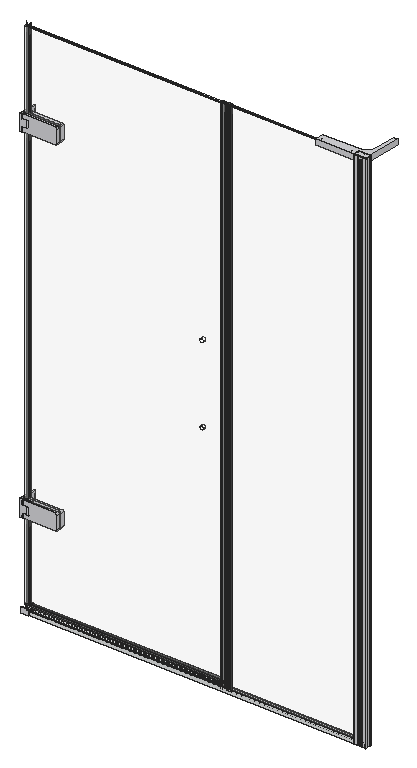
Revit family "Shower-Shower_Door-KOHLER-Composed-K-27715.rfa_", category Specialty Equipment, host Face, Revit 2021 (continued)
Definition of nested family "K-27715"
  Lines and regions (in)
    symbolic lines, detail levels medium+fine
      curve 121: line (-18.67225, 0.16163, 0) -> (-18.73425, 0.09963, 0)
      curve 122: line (-18.73425, -0.15237, 0) -> (-18.67225, -0.21437, 0)
      curve 123: line (-6.7126, -0.21437, 0) -> (-18.52065, -0.21437, 0)
      curve 124: line (-18.73425, -0.15237, 0) -> (-18.73425, 0.09963, 0)
      curve 125: line (-18.73625, 0.31693, 0) -> (-18.73625, 0.26521, 0)
      curve 126: line (-18.73625, -0.24172, 0) -> (-18.73625, -0.31299, 0)
      curve 127: line (-18.61188, -0.21437, 0) -> (-18.67225, -0.21437, 0)
      curve 128: line (-19.79017, -0.18499, 0) -> (-45.91193, -0.18499, 0)
      curve 129: line (-19.79759, 0.19551, 0) -> (-46.31302, 0.19551, 0)
      curve 130: line (-19.35387, 0.24026, 0) -> (-19.40322, 0.24029, 0)
      curve 131: line (-19.35505, 0.24145, 0) -> (-19.13045, 0.01685, 0)
      curve 132: line (-19.13045, -0.24584, 0) -> (-19.13045, -0.2307, 0)
      curve 133: line (-19.79974, -0.24584, 0) -> (-19.13045, -0.24584, 0)
      curve 134: line (-19.79974, -0.18499, 0) -> (-19.79974, -0.24688, 0)
      curve 135: line (-19.79974, 0.24054, 0) -> (-19.79974, 0.19551, 0)
      curve 136: line (-19.75947, 0.24051, 0) -> (-19.79974, 0.24054, 0)
      curve 137: line (-19.13045, -0.10165, 0) -> (-19.13045, -0.04391, 0)
      curve 138: line (-19.13045, -0.15769, 0) -> (-19.13045, -0.10165, 0)
      curve 139: line (-19.13045, -0.20504, 0) -> (-19.13045, -0.17358, 0)
      curve 140: line (-19.13045, -0.02721, 0) -> (-19.13045, 0.01685, 0)
      curve 141: line (-46.52261, 0.39567, 0) -> (-46.52261, 0.3648, 0)
      curve 142: line (-46.86515, 0.41146, 0) -> (-46.6683, 0.41146, 0)
      curve 143: line (-46.86515, 0.42918, 0) -> (-46.6683, 0.42918, 0)
      curve 144: line (-46.6683, 0.18655, 0) -> (-46.6683, 0.43978, 0)
      curve 145: line (-46.51082, 0.11028, 0) -> (-46.51082, -0.42177, 0)
      curve 146: line (-46.51082, 0.11028, 0) -> (-46.43208, 0.11028, 0)
      curve 147: line (-46.48979, 0.26127, 0) -> (-46.48979, 0.18743, 0)
      curve 148: line (-46.19438, -0.18499, 0) -> (-46.31302, -0.18499, 0)
      curve 149: line (-45.91427, -0.12499, 0) -> (-46.37302, -0.12499, 0)
      curve 150: arc (-46.51082, 0.07467, 0) -> (-46.61844, 0.08996, 0) -> (-46.6683, 0.18655, 0) r 0.11848
      curve 151: arc (-46.42302, 0.16811, 0) -> (-46.44146, 0.13943, 0) -> (-46.45916, 0.11028, 0) r 1.33942
      curve 152: line (-46.74704, 0.14965, 0) -> (-46.74704, -0.10625, 0)
      curve 153: line (-46.78641, 0.14965, 0) -> (-46.78641, -0.10625, 0)
      curve 154: arc (-46.6683, 0.39567, 0) -> (-46.75535, 0.2861, 0) -> (-46.78641, 0.14965, 0) r 0.31527
      curve 155: arc (-46.6683, 0.34253, 0) -> (-46.7266, 0.25382, 0) -> (-46.74704, 0.14965, 0) r 0.27559
      curve 156: arc (-46.74704, -0.10625, 0) -> (-46.70777, -0.24804, 0) -> (-46.60114, -0.34942, 0) r 0.27559
      curve 157: arc (-46.78641, -0.10625, 0) -> (-46.74153, -0.2683, 0) -> (-46.61967, -0.38416, 0) r 0.31496
      curve 158: line (-46.60114, -0.34942, 0) -> (-46.58956, -0.3556, 0)
      curve 159: line (-46.61967, -0.38416, 0) -> (-46.56095, -0.41547, 0)
      curve 160: line (-46.58956, -0.28998, 0) -> (-46.58956, -0.35559, 0)
      curve 161: line (-46.57005, -0.28998, 0) -> (-46.57005, -0.35559, 0)
      curve 162: arc (-46.52561, -0.24349, 0) -> (-46.55715, -0.25782, 0) -> (-46.57005, -0.28998, 0) r 0.04654
      curve 163: arc (-46.52337, -0.22379, 0) -> (-46.57017, -0.24318, 0) -> (-46.58956, -0.28998, 0) r 0.06619
      curve 164: arc (-46.57005, -0.35559, 0) -> (-46.55715, -0.38775, 0) -> (-46.52561, -0.40209, 0) r 0.04654
      curve 165: arc (-46.58956, -0.35559, 0) -> (-46.57096, -0.40161, 0) -> (-46.52561, -0.42177, 0) r 0.06622
      curve 166: line (-46.52561, -0.40209, 0) -> (-46.51082, -0.40209, 0)
      curve 167: line (-46.52561, -0.42177, 0) -> (-46.51082, -0.42177, 0)
      curve 168: line (-46.52561, -0.24349, 0) -> (-46.51082, -0.24349, 0)
      curve 169: line (-46.52337, -0.22379, 0) -> (-46.51082, -0.22379, 0)
      curve 170: line (-46.55019, -0.43341, 0) -> (-46.55019, -0.46058, 0)
      curve 171: line (-46.51082, -0.43109, 0) -> (-46.51082, -0.46058, 0)
      curve 172: arc (-46.56095, -0.41547, 0) -> (-46.55309, -0.42295, 0) -> (-46.55019, -0.43341, 0) r 0.02032
      curve 173: arc (-46.5116, -0.42177, 0) -> (-46.51102, -0.42641, 0) -> (-46.51082, -0.43109, 0) r 0.05583
      curve 174: arc (-46.51082, -0.42177, 0) -> (-46.49945, -0.44921, 0) -> (-46.47201, -0.46058, 0) r 0.03881
      curve 175: arc (-46.43208, 0.11028, 0) -> (-46.42605, 0.11256, 0) -> (-46.42302, 0.11824, 0) r 0.00913
      curve 176: line (-46.37302, 0.18902, 0) -> (-46.31951, 0.18902, 0)
      curve 177: line (-41.78641, -0.22436, 0) -> (-46.12972, -0.22436, 0)
      curve 178: line (-46.42302, -0.22436, 0) -> (-46.51082, -0.22436, 0)
      curve 179: arc (-41.84187, 0.56304, 0) -> (-41.81416, 0.55163, 0) -> (-41.8025, 0.52401, 0) r 0.03937
      curve 180: line (-46.47201, -0.46058, 0) -> (-46.47201, -0.22436, 0)
      curve 181: line (-46.51082, -0.42177, 0) -> (-41.78641, -0.42177, 0)
      curve 182: line (-41.80609, -0.22436, 0) -> (-41.80609, -0.18499, 0)
      curve 183: line (-19.79974, -0.21302, 0) -> (-41.80609, -0.21302, 0)
      curve 184: line (-19.79974, -0.22441, 0) -> (-45.95525, -0.22441, 0)
      curve 185: line (-41.78641, -0.24688, 0) -> (-19.79974, -0.24688, 0)
      curve 186: line (-41.8025, 0.24047, 0) -> (-19.79974, 0.24047, 0)
      curve 187: line (-19.79974, 0.2185, 0) -> (-41.8025, 0.2185, 0)
      curve 188: line (-19.35505, 0.31693, 0) -> (-19.35505, 0.24145, 0)
      curve 189: line (-18.73425, 0.17344, 0) -> (-6.7126, 0.17344, 0)
      curve 190: line (-18.73425, 0.27974, 0) -> (-6.7126, 0.27974, 0)
      curve 191: line (-6.7126, 0.29155, 0) -> (-18.73425, 0.29155, 0)
      curve 192: line (-18.62081, -0.23306, 0) -> (-6.7126, -0.23339, 0)
      curve 193: line (-6.7126, -0.30512, 0) -> (-41.78739, -0.30512, 0)
      curve 194: line (-1.56332, 0, 71.66) -> (-1.56332, 0, 0)
      curve 195: line (-1.59449, 0, 71.66) -> (-1.59449, 0, 71.05764)
      curve 196: line (-6.63386, 0, 70.9789) -> (-1.67323, 0, 70.9789)
      curve 197: arc (-1.59449, 0, 71.05764) -> (-1.61755, 0, 71.00196) -> (-1.67323, 0, 70.9789) r 0.07874
      curve 198: line (-6.7126, 0, 71.49717) -> (-6.7126, 0, 71.06338)
      curve 199: arc (-6.7126, 0, 71.06338) -> (-6.6916, 0, 71.00401) -> (-6.63386, 0, 70.9789) r 0.07894
      curve 200: line (-1.56332, 0, 0.60236) -> (-45.76279, 0, 0.60236)
      curve 201: line (-45.88002, 0, 1.19752) -> (-45.88002, 0, 11.86552)
      curve 202: line (-45.92134, 0, 11.86552) -> (-45.92134, 0, 1.19752)
      curve 203: line (-46.94512, 0, 1.19752) -> (-45.88002, 0, 1.19752)
      curve 204: line (-19.13045, 0, 1.05717) -> (-46.40545, 0, 1.05717)
      curve 205: line (-46.40545, 0, 1.02173) -> (-19.13045, 0, 1.02173)
      curve 206: line (-45.76279, 0, 0.75591) -> (-46.40545, 0, 0.75591)
      curve 207: line (-45.76279, 0, 0.75591) -> (-45.76279, 0, 0)
      curve 208: line (-45.76279, 0, 0.70775) -> (-18.73625, 0, 0.70775)
      curve 209: line (-19.79974, 0, 1.36762) -> (-45.73616, 0, 1.36762)
      curve 210: line (-45.73616, 0, 1.05717) -> (-45.73616, 0, 1.36762)
      curve 211: line (-19.13045, 0, 1.05717) -> (-19.13045, 0, 1.02173)
      curve 212: line (-19.79974, 0, 1.36762) -> (-19.79974, 0, 1.05717)
      curve 213: line (-19.79974, 0, 1.02173) -> (-19.79974, 0, 0.70775)
      curve 214: line (-18.73625, 0, 0.70775) -> (-18.73625, 0, 0.60236)
      curve 215: line (-19.08177, 0, 0.70775) -> (-19.08177, 0, 71.49717)
      curve 216: line (-19.04102, 0, 71.49717) -> (-19.04102, 0, 0.70775)
      curve 217: line (-18.98427, 0, 71.49717) -> (-18.98427, 0, 0.70775)
      curve 218: line (-18.86802, 0, 71.49717) -> (-18.86802, 0, 0.70775)
      curve 219: line (-18.77362, 0, 71.49717) -> (-18.77362, 0, 0.70775)
      curve 220: line (-18.87559, 0, 71.49717) -> (-18.87559, 0, 0.70775)
      curve 221: line (-19.52165, 0, 1.05717) -> (-19.52165, 0, 71.49717)
      curve 222: line (-19.75229, 0, 71.49717) -> (-19.75229, 0, 1.05717)
      curve 223: line (-19.79625, 0, 71.49717) -> (-19.79628, 0, 1.05717)
      curve 224: line (-18.54298, 0, 71.49717) -> (-18.54298, 0, 0.60236)
      curve 225: line (-19.75229, 0, 1.02173) -> (-19.75229, 0, 0.70775)
      curve 226: line (-19.52165, 0, 1.02173) -> (-19.52165, 0, 0.70775)
      curve 227: line (-46.42302, 0, 58.63488) -> (-46.42302, 0, 14.03088)
      curve 228: line (-45.88002, 0, 14.03088) -> (-45.88002, 0, 58.63488)
      curve 229: line (-45.92134, 0, 58.63488) -> (-45.92134, 0, 14.03088)
      curve 230: line (-46.86515, 0, 14.03088) -> (-46.55019, 0, 14.03088)
      curve 231: line (-46.55019, 0, 14.03088) -> (-46.55019, 0, 13.42064)
      curve 232: line (-41.98326, 0, 14.03088) -> (-46.51082, 0, 14.03088)
      curve 233: line (-41.78641, 0, 13.83403) -> (-41.78641, 0, 12.06237)
      curve 234: line (-41.98326, 0, 11.86552) -> (-46.51082, 0, 11.86552)
      curve 235: line (-46.55019, 0, 11.86552) -> (-46.55019, 0, 12.47576)
      curve 236: line (-46.55019, 0, 11.86552) -> (-46.86515, 0, 11.86552)
      curve 237: line (-45.64853, 0, 13.45017) -> (-46.51082, 0, 13.45017)
      curve 238: line (-46.51082, 0, 12.44623) -> (-45.65908, 0, 12.44623)
      curve 239: line (-45.62499, 0, 12.48032) -> (-45.62499, 0, 13.42663)
      curve 240: line (-46.51082, 0, 14.03088) -> (-46.51082, 0, 13.45017)
      curve 241: line (-46.51082, 0, 12.44623) -> (-46.51082, 0, 11.86552)
      curve 242: line (-45.70373, 0, 13.42064) -> (-45.70373, 0, 12.47576)
      curve 243: line (-45.70373, 0, 13.42064) -> (-46.55019, 0, 13.42064)
      curve 244: line (-45.70373, 0, 12.47576) -> (-46.55019, 0, 12.47576)
      curve 245: arc (-45.62499, 0, 13.42663) -> (-45.63189, 0, 13.44327) -> (-45.64853, 0, 13.45017) r 0.02354
      curve 246: arc (-45.65908, 0, 12.44623) -> (-45.63498, 0, 12.45622) -> (-45.62499, 0, 12.48032) r 0.03409
      curve 247: arc (-41.78641, 0, 13.83403) -> (-41.84407, 0, 13.97322) -> (-41.98326, 0, 14.03088) r 0.19685
      curve 248: arc (-41.78641, 0, 12.06237) -> (-41.84407, 0, 11.92318) -> (-41.98326, 0, 11.86552) r 0.19685
      curve 249: line (-46.86515, 0, 60.80023) -> (-46.55019, 0, 60.80023)
      curve 250: line (-46.55019, 0, 60.80023) -> (-46.55019, 0, 60.19)
      curve 251: line (-41.98326, 0, 60.80023) -> (-46.51082, 0, 60.80023)
      curve 252: line (-41.78641, 0, 60.60338) -> (-41.78641, 0, 58.83173)
      curve 253: line (-41.98326, 0, 58.63488) -> (-46.51082, 0, 58.63488)
      curve 254: line (-46.55019, 0, 58.63488) -> (-46.55019, 0, 59.24511)
      curve 255: line (-46.55019, 0, 58.63488) -> (-46.86515, 0, 58.63488)
      curve 256: line (-45.64853, 0, 60.21952) -> (-46.51082, 0, 60.21952)
      curve 257: line (-46.51082, 0, 59.21559) -> (-45.65908, 0, 59.21559)
      curve 258: line (-45.62499, 0, 59.24968) -> (-45.62499, 0, 60.19598)
      curve 259: line (-46.51082, 0, 60.80023) -> (-46.51082, 0, 60.21952)
      curve 260: line (-46.51082, 0, 59.21559) -> (-46.51082, 0, 58.63488)
      curve 261: line (-45.70373, 0, 60.19) -> (-45.70373, 0, 59.24511)
      curve 262: line (-45.70373, 0, 60.19) -> (-46.55019, 0, 60.19)
      curve 263: line (-45.70373, 0, 59.24511) -> (-46.55019, 0, 59.24511)
      curve 264: arc (-45.62499, 0, 60.19598) -> (-45.63189, 0, 60.21263) -> (-45.64853, 0, 60.21952) r 0.02354
      curve 265: arc (-45.65908, 0, 59.21559) -> (-45.63498, 0, 59.22557) -> (-45.62499, 0, 59.24968) r 0.03409
      curve 266: arc (-41.78641, 0, 60.60338) -> (-41.84407, 0, 60.74258) -> (-41.98326, 0, 60.80023) r 0.19685
      curve 267: arc (-41.78641, 0, 58.83173) -> (-41.84407, 0, 58.69253) -> (-41.98326, 0, 58.63488) r 0.19685
      curve 268: line (-45.88002, 0, 60.80023) -> (-45.88002, 0, 71.51678)
      curve 269: line (-45.92134, 0, 71.53005) -> (-45.92134, 0, 60.80023)
      curve 270: line (-46.42302, 0, 71.53005) -> (-46.42302, 0, 60.80023)
      curve 271: line (-46.42302, 0, 11.86552) -> (-46.42302, 0, 1.19752)
      curve 272: line (0, 0.70903, 60.85188) -> (0, 0.70903, 71.51678)
      curve 273: line (0, 0.18788, 60.85041) -> (0, 0.18788, 71.51678)
      curve 274: line (0, -0.39312, 60.84878) -> (0, 0.75171, 60.852)
      curve 275: line (0, 0.41841, 58.67999) -> (0, -0.3941, 58.68342)
      curve 276: line (0, 0.41841, 58.63488) -> (0, -0.27277, 58.63488)
      curve 277: line (0, -0.27277, 14.03122) -> (0, -0.27277, 58.63488)
      curve 278: line (0, -0.3941, 14.03088) -> (0, 0.80744, 14.03431)
      curve 279: line (0, 0.83493, 11.86209) -> (0, -0.39567, 11.86552)
      curve 280: line (0, 0.41802, 1.19752) -> (0, -0.27277, 1.19752)
      curve 281: line (0, -0.27277, 1.19752) -> (0, -0.27277, 11.86518)
      curve 282: line (0, 0.70903, 1.19752) -> (0, 0.70903, 11.86244)
      curve 283: line (0, 0.70903, 14.03403) -> (0, 0.70903, 58.63488)
      curve 284: line (0, 0.21551, 11.86382) -> (0, 0.21551, 1.19752)
      curve 285: line (0, 0.18788, 1.19752) -> (0, 0.18788, 11.86389)
      curve 286: line (0, 0.18788, 14.03254) -> (0, 0.18825, 58.63488)
      curve 287: line (0, 0.21551, 58.63488) -> (0, 0.21551, 14.03262)
      curve 288: line (0, 0.21551, 71.51678) -> (0, 0.21551, 60.85049)
      curve 289: line (0, -0.25701, 60.84916) -> (0, -0.25701, 71.51678)
      curve 290: line (0, 0.75171, 70.9789) -> (0, 0.75171, 71.51678)
      curve 291: line (0, 0.75171, 71.51678) -> (0, -0.25701, 71.51678)
      curve 292: line (0, 0.18788, 71.51678) -> (0, 0.16277, 71.54189)
      curve 293: line (0, 0.16277, 71.54189) -> (0, -0.23207, 71.54189)
      curve 294: line (0, -0.23207, 71.54189) -> (0, -0.25701, 71.51678)
      curve 295: line (0, 0.7758, 71.71906) -> (0, 0.7758, 70.99858)
      curve 296: arc (0, 0.75612, 71.73874) -> (0, 0.77004, 71.73297) -> (0, 0.7758, 71.71906) r 0.01969
      curve 297: arc (0, 0.7758, 70.99858) -> (0, 0.77004, 70.98466) -> (0, 0.75612, 70.9789) r 0.01969
      curve 298: line (0, -0.39312, 70.9789) -> (0, -0.25701, 70.9789)
      curve 299: line (0, 0.41146, 60.77004) -> (0, 1.59004, 60.77004)
      curve 300: line (0, 1.72446, 58.91569) -> (0, 1.72446, 60.63562)
      curve 301: line (0, 0.41146, 60.85104) -> (0, 0.41146, 60.77004)
      curve 302: line (0, 1.57093, 58.76216) -> (0, 0.41146, 58.76216)
      curve 303: line (0, 0.41146, 58.76216) -> (0, 0.41146, 58.68002)
      curve 304: arc (0, 1.72446, 58.91569) -> (0, 1.67949, 58.80713) -> (0, 1.57093, 58.76216) r 0.15353
      curve 305: arc (0, 1.59004, 60.77004) -> (0, 1.68509, 60.73067) -> (0, 1.72446, 60.63562) r 0.13442
      curve 306: line (0, 0.43115, 60.78972) -> (0, 1.59004, 60.78972)
      curve 307: line (0, 0.43115, 60.8511) -> (0, 0.43115, 60.78972)
      curve 308: arc (0, 1.59004, 60.78972) -> (0, 1.69901, 60.74459) -> (0, 1.74414, 60.63562) r 0.1541
      curve 309: line (0, 1.74414, 60.63562) -> (0, 1.74414, 58.91569)
      curve 310: arc (0, 1.74414, 58.91569) -> (0, 1.69341, 58.79321) -> (0, 1.57093, 58.74248) r 0.17321
      curve 311: line (0, 1.57093, 58.74248) -> (0, 0.43115, 58.74248)
      curve 312: line (0, 0.43115, 58.74248) -> (0, 0.43115, 58.68002)
      curve 313: line (0, -0.24194, 58.63488) -> (0, -0.24194, 58.68278)
      curve 314: line (0, -0.21318, 58.63488) -> (0, -0.21318, 58.68266)
      curve 315: line (0, 0.10219, 58.63488) -> (0, 0.10219, 58.68132)
      curve 316: line (0, 0.24367, 58.63488) -> (0, 0.24367, 58.68073)
      curve 317: line (0, 0.38791, 58.63488) -> (0, 0.38791, 58.68012)
      curve 318: line (0, 0.41146, 13.95235) -> (0, 1.59004, 13.95235)
      curve 319: line (0, 1.72446, 12.098) -> (0, 1.72446, 13.81793)
      curve 320: line (0, 0.41146, 14.03318) -> (0, 0.41146, 13.95235)
      curve 321: line (0, 1.57093, 11.94447) -> (0, 0.41146, 11.94447)
      curve 322: line (0, 0.41146, 11.94447) -> (0, 0.41146, 11.86327)
      curve 323: arc (0, 1.72446, 12.098) -> (0, 1.67949, 11.98944) -> (0, 1.57093, 11.94447) r 0.15353
      curve 324: arc (0, 1.59004, 13.95235) -> (0, 1.68509, 13.91298) -> (0, 1.72446, 13.81793) r 0.13442
      curve 325: line (0, 0.43115, 13.97203) -> (0, 1.59004, 13.97203)
      curve 326: line (0, 0.43115, 14.03324) -> (0, 0.43115, 13.97203)
      curve 327: arc (0, 1.59004, 13.97203) -> (0, 1.69901, 13.9269) -> (0, 1.74414, 13.81793) r 0.1541
      curve 328: line (0, 1.74414, 13.81793) -> (0, 1.74414, 12.098)
      curve 329: arc (0, 1.74414, 12.098) -> (0, 1.69341, 11.97552) -> (0, 1.57093, 11.92479) r 0.17321
      curve 330: line (0, 1.57093, 11.92479) -> (0, 0.43115, 11.92479)
      curve 331: line (0, 0.43115, 11.92479) -> (0, 0.43115, 11.86321)
      curve 332: line (0, 0.19299, 1.05717) -> (0, -0.19557, 1.05717)
      curve 333: line (0, 0.01749, 1.02173) -> (0, 0.21261, 1.02173)
      curve 334: line (0, -0.11369, 1.02173) -> (0, -0.02188, 1.02173)
      curve 335: line (0, -0.02188, 1.02173) -> (0, -0.01198, 0.75041)
      curve 336: line (0, 0.00759, 0.75041) -> (0, 0.01749, 1.02173)
      curve 337: line (0, -0.22993, 1.02173) -> (0, -0.11369, 1.02173)
      curve 338: line (0, -0.2363, 1.19752) -> (0, -0.247, 1.04001)
      curve 339: line (0, -0.21237, 1.07488) -> (0, -0.20587, 1.19752)
      curve 340: line (0, 0.24151, 1.05624) -> (0, 0.23191, 1.19752)
      curve 341: line (0, 0.20148, 1.19752) -> (0, 0.20808, 1.07307)
      curve 342: line (0, 0.41802, 0.99175) -> (0, 0.24151, 1.05624)
      curve 343: line (0, 0.21261, 1.02173) -> (0, 0.41802, 0.95187)
      curve 344: arc (0, -0.01198, 0.75041) -> (0, -0.0022, 0.74098) -> (0, 0.00759, 0.75041) r 0.00979
      curve 345: arc (0, -0.247, 1.04001) -> (0, -0.24243, 1.02716) -> (0, -0.22993, 1.02173) r 0.01712
      curve 346: arc (0, -0.19557, 1.05717) -> (0, -0.20778, 1.06241) -> (0, -0.21237, 1.07488) r 0.01682
      curve 347: arc (0, 0.20808, 1.07307) -> (0, 0.20395, 1.06188) -> (0, 0.19299, 1.05717) r 0.01511
      curve 348: line (0, 0.37638, 0.68547) -> (0, -0.21601, 0.7538)
      curve 349: line (0, -0.25262, 0.75591) -> (0, -0.37598, 0.75591)
      curve 350: line (0, 0.39567, 0) -> (0, 0.39567, 0.66383)
      curve 351: arc (0, 0.39567, 0.66383) -> (0, 0.39015, 0.67832) -> (0, 0.37638, 0.68547) r 0.02179
      curve 352: arc (0, -0.21601, 0.7538) -> (0, -0.23428, 0.75538) -> (0, -0.25262, 0.75591) r 0.31953
      curve 353: arc (0, -0.37598, 0.75591) -> (0, -0.39001, 0.75016) -> (0, -0.39597, 0.73622) r 0.01999
      curve 354: line (0, -0.3232, 0.12894) -> (0, 0.37821, 0.04903)
      curve 355: line (0, -0.33661, 0.14397) -> (0, -0.33661, 0.75591)
      curve 356: line (0, -0.17557, 0.72932) -> (0, 0.39567, 0.66343)
      curve 357: line (0, 0.37598, 0.05064) -> (0, 0.37598, 0.68568)
      curve 358: line (0, -0.39597, 0.73622) -> (0, -0.29559, 0.73622)
      curve 359: arc (0, -0.3232, 0.12894) -> (0, -0.33277, 0.1339) -> (0, -0.33661, 0.14397) r 0.01513
      curve 360: arc (0, 0.37821, 0.04903) -> (0, 0.39067, 0.04258) -> (0, 0.39567, 0.02947) r 0.01968
      curve 361: arc (0, -0.29559, 0.73622) -> (0, -0.23548, 0.73449) -> (0, -0.17557, 0.72932) r 1.04735
      curve 362: line (0, -0.16467, 0.74788) -> (0, -0.16467, 1.02173)
      curve 363: line (0, -0.21966, 0.7542) -> (0, -0.21966, 1.02173)
      curve 364: line (0, -0.24194, 0.75573) -> (0, -0.24194, 1.02666)
      curve 365: line (0, 0.24367, 0.70078) -> (0, 0.24367, 1.01117)
      curve 366: line (0, 0.18864, 0.70712) -> (0, 0.18864, 1.02173)
      curve 367: line (0, 0.24367, 1.05545) -> (0, 0.24367, 1.19752)
      curve 368: line (0, 0.18864, 1.05717) -> (0, 0.18864, 1.19752)
      curve 369: line (0, -0.16467, 1.05717) -> (0, -0.16467, 1.19752)
      curve 370: line (0, -0.24194, 1.11453) -> (0, -0.24194, 1.19752)
      curve 371: circle (0, 1.29577, 60.43321) r 0.11718 normal (1, 0, 0)
      curve 372: circle (0, 0.72416, 59.77061) r 0.12211 normal (1, 0, 0)
      curve 373: circle (0, 1.30032, 59.09717) r 0.11857 normal (1, 0, 0)
      curve 374: line (0, 1.39551, 60.01424) -> (0, 1.15811, 60.01424)
      curve 375: line (0, 1.15811, 59.51796) -> (0, 1.39551, 59.51796)
      curve 376: arc (0, 1.15811, 60.01424) -> (0, 0.90997, 59.7661) -> (0, 1.15811, 59.51796) r 0.24814
      curve 377: arc (0, 1.39551, 59.51796) -> (0, 1.64365, 59.7661) -> (0, 1.39551, 60.01424) r 0.24814
      curve 378: circle (0, 1.29577, 13.61531) r 0.11718 normal (1, 0, 0)
      curve 379: circle (0, 0.72416, 12.95271) r 0.12211 normal (1, 0, 0)
      curve 380: circle (0, 1.30032, 12.27927) r 0.11857 normal (1, 0, 0)
      curve 381: line (0, 1.39551, 13.19634) -> (0, 1.15811, 13.19634)
      curve 382: line (0, 1.15811, 12.70006) -> (0, 1.39551, 12.70006)
      curve 383: arc (0, 1.15811, 13.19634) -> (0, 0.90997, 12.9482) -> (0, 1.15811, 12.70006) r 0.24814
      curve 384: arc (0, 1.39551, 12.70006) -> (0, 1.64365, 12.9482) -> (0, 1.39551, 13.19634) r 0.24814
  Dimensions and locks (in)
    plane 4 to plane 5 = 5.48213"
    plane 9 to level = 71.73874"
    aligned and locked: plane 2 to level
Types (4): name | Type | Secondary Finish | Model | Finish
  (no name) | 1 | Kohler-Metal-CP-Polished_Chrome | "K-27715-10L-SHP" | Kohler-Metal-SHP-Bright_Polished_Silver
  SHP-Bright Polished Silver | 1 | Kohler-Metal-CP-Polished_Chrome | "K-27715-10L-SHP" | Kohler-Metal-SHP-Bright_Polished_Silver
  BNK-Anodized Brushed Nickel | 2 | Kohler-Metal-BN-Vibrant_Brushed_Nickel | "K-27715-10L-BNK" | Kohler-Metal-BNK-Anodized_Brushed_Nickel
  BL-Matte Black | 3 | Kohler-Metal-BL-Matte_Black | "K-27715-10L-BL" | Kohler-Metal-BL-Matte_Black
